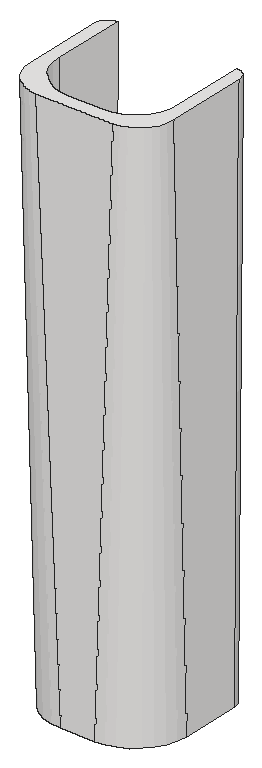
Revit family "Celite_City_Coluna para Lavatório_20201", category Plumbing Fixtures, Revit 2014
Parameters (values of type "Inteira Branco - 20201")
  WFU = 0
  Type Comments = ""
  Outros Complementos [instance] = "N/A"
  Louças [instance] = Celite - Louça_Branca
  Coluna Int = yes
  Coluna Susp = no
  HWFU = 0
  URL = "http://www.celite.com.br"
  Selo de Qualidade ofcdesk = "Standard"  # constant formula
  Model = Celite: Código  # "20201"
  Ajuste H_Coluna [instance] = 661 mm
  Manufacturer = Celite: Fabricante  # "Celite"
  Description = Celite: Descrição  # "Coluna para lavatório cor branca (20201), linha City - Louças Celite"
  Default Elevation = 0 mm
  Desenvolvido por = "ofcdesk"  # constant formula
  Celite: Versão = "Autodesk Revit MEP 2014"  # constant formula
  Celite: Tipo = "Colunas para lavatórios"  # constant formula
  Celite: Produto = "Colunas"  # constant formula
  Celite: Norma = "ABNT NBR 15097-1: 2011 - Requisitos e métodos de ensaio"
  Celite: Link do Produto = "http://www.celite.com.br/pt/produtos/categoria/1/linha/12/"
  Celite: Linha = "City"  # constant formula
  Celite: Informações Técnicas [instance] = "N/A"
  Celite: Informações Gerais [instance] = "N/A"
  Celite: Fabricante = "Celite"  # constant formula
  Celite: Desenho Técnico = "http://www.celite.com.br/media/uploads/desenhos_tecnicos/Lavatatorio_com_coluna_City.pdf"
  Celite: Descrição = "Coluna para lavatório cor branca (20201), linha City - Louças Celite"
  Celite: Código = "20201"
  Celite: Cores Disponíveis = "Branco"
  Celite: Copyright © = "© 2014 Celite"  # constant formula
  Celite: Complementos [instance] = "N/A"
  Celite: Categoria = "Linhas Completas"  # constant formula
  Celite: Altura da Peça [instance] = 0 mm
  CWFU = 0
  Assembly Code = "D2010400"
  Ajuste H_ColSusp [instance] = 305 mm
  Ajuste Frontal_Coluna [instance] = 275 mm
Types (9, lengths in mm): name | Louças | Coluna Int | Coluna Susp | Model | Description | Celite: Desenho Técnico | Celite: Descrição | Celite: Código | Celite: Cores Disponíveis
  (no name) | Celite - Louça_Branca | yes | no | "20201" | "Coluna para lavatório cor branca (20201), linha City - Louças Celite" | "http://www.celite.com.br/media/uploads/desenhos_tecnicos/Lavatatorio_com_coluna_City.pdf" | "Coluna para lavatório cor branca (20201), linha City - Louças Celite" | "20201" | "Branco"
  Suspensa Branco - 20202 | Celite - Louça_Branca | no | yes | "20202" | "Coluna suspensa para lavatório cor branca 20202), linha City - Louças Celite" | "http://www.celite.com.br/media/uploads/desenhos_tecnicos/Lavatorio_com_coluna_supensa_City.pdf" | "Coluna suspensa para lavatório cor branca 20202), linha City - Louças Celite" | "20202" | "Branco"
  Suspensa Pergamon - 20202 | Celite - Louça_Pergamon | no | yes | "20202" | "Coluna suspensa para lavatório cor pergamon (20202), linha City - Louças Celite" | "http://www.celite.com.br/media/uploads/desenhos_tecnicos/Lavatorio_com_coluna_supensa_City.pdf" | "Coluna suspensa para lavatório cor pergamon (20202), linha City - Louças Celite" | "20202" | "Pergamon"
  Inteira Branco - 20201 | Celite - Louça_Branca | yes | no | "20201" | "Coluna para lavatório cor branca (20201), linha City - Louças Celite" | "http://www.celite.com.br/media/uploads/desenhos_tecnicos/Lavatatorio_com_coluna_City.pdf" | "Coluna para lavatório cor branca (20201), linha City - Louças Celite" | "20201" | "Branco"
  Inteira Pergamon - 20201 | Celite - Louça_Pergamon | yes | no | "20201" | "Coluna para lavatório cor pergamon (20201), linha City - Louças Celite" | "http://www.celite.com.br/media/uploads/desenhos_tecnicos/Lavatatorio_com_coluna_City.pdf" | "Coluna para lavatório cor pergamon (20201), linha City - Louças Celite" | "20201" | "Pergamon"
  Inteira Preto - 20201 | Celite - Louça_Preta | yes | no | "20201" | "Coluna para lavatório cor preta (20201), linha City - Louças Celite" | "http://www.celite.com.br/media/uploads/desenhos_tecnicos/Lavatatorio_com_coluna_City.pdf" | "Coluna para lavatório cor preta (20201), linha City - Louças Celite" | "20201" | "Preto"
  Inteira Cinza prata - 20201 | Celite - Louça_CinzaPrata | yes | no | "20201" | "Coluna para lavatório cor cinza prata (20201), linha City - Louças Celite" | "http://www.celite.com.br/media/uploads/desenhos_tecnicos/Lavatatorio_com_coluna_City.pdf" | "Coluna para lavatório cor cinza prata (20201), linha City - Louças Celite" | "20201" | "Cinza prata"
  Suspensa Preto - 20202 | Celite - Louça_Preta | no | yes | "20202" | "Coluna suspensa para lavatório cor preta (20202), linha City - Louças Celite" | "http://www.celite.com.br/media/uploads/desenhos_tecnicos/Lavatorio_com_coluna_supensa_City.pdf" | "Coluna suspensa para lavatório cor preta (20202), linha City - Louças Celite" | "20202" | "Preto"
  Suspensa Cinza prata - 20202 | Celite - Louça_CinzaPrata | no | yes | "20202" | "Coluna suspensa para lavatório cor cinza prata (20202), linha City - Louças Celite" | "http://www.celite.com.br/media/uploads/desenhos_tecnicos/Lavatorio_com_coluna_supensa_City.pdf" | "Coluna suspensa para lavatório cor cinza prata (20202), linha City - Louças Celite" | "20202" | "Cinza prata"
Reference planes
  plane 1 "Center (Front/Back)": y = -81.088
  plane 2: z = 0
  plane 3 "Center (Left/Right)": x = 0
  plane 4: z = 661
  plane 5: z = 356
  plane 6: y = -356.088
Forms (mm)
  Blend 1, solid, material "Celite - Louça_Branca" <- "Louças", visible <- "Coluna Int"
    base sketch origin (-1523.32, -1524, 650) x (-1, 0, 0) y (0, -1, 0)
      loop
        arc (-1443.424, -1232.912) -> (-1460.998, -1190.486) -> (-1503.424, -1172.912) r 60
        line (-1503.424, -1172.912) -> (-1543.216, -1172.912)
        arc (-1543.216, -1172.912) -> (-1585.643, -1190.486) -> (-1603.216, -1232.912) r 60
        line (-1603.216, -1232.912) -> (-1603.216, -1303.912)
        arc (-1603.216, -1303.912) -> (-1600.287, -1310.983) -> (-1593.216, -1313.912) r 10
        line (-1593.216, -1313.912) -> (-1593.216, -1232.912)
        arc (-1593.216, -1232.912) -> (-1578.571, -1197.557) -> (-1543.216, -1182.912) r 50
        line (-1543.216, -1182.912) -> (-1503.424, -1182.912)
        arc (-1503.424, -1182.912) -> (-1468.069, -1197.557) -> (-1453.424, -1232.912) r 50
        line (-1453.424, -1232.912) -> (-1453.424, -1313.912)
        arc (-1453.424, -1313.912) -> (-1446.353, -1310.983) -> (-1443.424, -1303.912) r 10
        line (-1443.424, -1303.912) -> (-1443.424, -1232.912)
    top sketch origin (-1523.32, -1524, 650) x (-1, 0, 0) y (0, -1, 0)
      loop
        arc (-1568.216, -1167.912) -> (-1596.5, -1179.628) -> (-1608.216, -1207.912) r 40
        line (-1608.216, -1207.912) -> (-1608.216, -1303.912)
        arc (-1608.216, -1303.912) -> (-1603.823, -1314.519) -> (-1593.216, -1318.912) r 15
        line (-1593.216, -1318.912) -> (-1593.216, -1232.912)
        arc (-1593.216, -1232.912) -> (-1578.571, -1197.557) -> (-1543.216, -1182.912) r 50
        line (-1543.216, -1182.912) -> (-1503.424, -1182.912)
        arc (-1503.424, -1182.912) -> (-1468.069, -1197.557) -> (-1453.424, -1232.912) r 50
        line (-1453.424, -1232.912) -> (-1453.424, -1318.912)
        arc (-1453.424, -1318.912) -> (-1442.817, -1314.519) -> (-1438.424, -1303.912) r 15
        line (-1438.424, -1303.912) -> (-1438.424, -1207.912)
        arc (-1438.424, -1207.912) -> (-1450.14, -1179.628) -> (-1478.424, -1167.912) r 40
        line (-1478.424, -1167.912) -> (-1568.216, -1167.912)
    from -650 to 11
  Blend 2, solid, material "Celite - Louça_Branca" <- "Louças", visible <- "Coluna Susp"
    base sketch origin (-1521.949, -1524, 356) x (-1, 0, 0) y (0, -1, 0)
      loop
        line (-1502.053, -1172.912) -> (-1541.845, -1172.912)
        arc (-1541.845, -1172.912) -> (-1584.272, -1190.486) -> (-1601.845, -1232.912) r 60
        line (-1601.845, -1232.912) -> (-1601.845, -1442.912) -> (-1591.845, -1442.912) -> (-1591.845, -1232.912)
        arc (-1591.845, -1232.912) -> (-1577.201, -1197.557) -> (-1541.845, -1182.912) r 50
        line (-1541.845, -1182.912) -> (-1502.053, -1182.912)
        arc (-1502.053, -1182.912) -> (-1466.698, -1197.557) -> (-1452.053, -1232.912) r 50
        line (-1452.053, -1232.912) -> (-1452.053, -1442.912) -> (-1442.053, -1442.912) -> (-1442.053, -1232.912)
        arc (-1442.053, -1232.912) -> (-1459.627, -1190.486) -> (-1502.053, -1172.912) r 60
    top sketch origin (-1521.949, -1524, 356) x (-1, 0, 0) y (0, -1, 0)
      loop
        arc (-1437.053, -1207.912) -> (-1448.769, -1179.628) -> (-1477.053, -1167.912) r 40
        line (-1477.053, -1167.912) -> (-1566.845, -1167.912)
        arc (-1566.845, -1167.912) -> (-1595.13, -1179.628) -> (-1606.845, -1207.912) r 40
        line (-1606.845, -1207.912) -> (-1606.845, -1442.912) -> (-1591.845, -1442.912) -> (-1591.845, -1232.912)
        arc (-1591.845, -1232.912) -> (-1577.201, -1197.557) -> (-1541.845, -1182.912) r 50
        line (-1541.845, -1182.912) -> (-1502.053, -1182.912)
        arc (-1502.053, -1182.912) -> (-1466.698, -1197.557) -> (-1452.053, -1232.912) r 50
        line (-1452.053, -1232.912) -> (-1452.053, -1442.912) -> (-1437.053, -1442.912) -> (-1437.053, -1207.912)
    from 0 to 305
Dimensions and locks
  "Ajuste H_Coluna": plane 4 to level
  "Ajuste Frontal_Coluna": plane 1 "Center (Front/Back)" to plane 6
  Blend 2 sketch curve to Blend 2 sketch curve to Blend 2 sketch curve to Blend 2 sketch curve to plane 6 = 0 mm locked, 25 mm locked, 0 mm locked, 40 mm locked
  Blend 2 sketch curve to Blend 2 sketch curve to plane 6 = 10 mm locked, 5 mm locked
  "Ajuste H_ColSusp": plane 4 to plane 5
  Blend 1 sketch curve to Blend 1 sketch curve to Blend 1 sketch curve to Blend 1 sketch curve to Blend 1 sketch curve to Blend 1 sketch curve to Blend 1 sketch curve to Blend 1 sketch curve to plane 6 = 0 mm locked, 15 mm locked, 0 mm locked, 71 mm locked, 0 mm locked, 25 mm locked, 0 mm locked, 40 mm locked
  Blend 1 sketch curve to Blend 1 sketch curve to Blend 1 sketch curve to Blend 1 sketch curve to Blend 1 sketch curve to Blend 1 sketch curve to plane 6 = 0 mm locked, 10 mm locked, 0 mm locked, 121 mm locked, 10 mm locked, 5 mm locked
  aligned and locked: level to plane 2
  aligned and locked: Blend 1 to level
  aligned and locked: plane 4 to Blend 2
  aligned and locked: Blend 2 sketch curve to plane 6
  aligned and locked: plane 6 to Blend 1 sketch curve
  aligned and locked: Blend 2 sketch curve to plane 1 "Center (Front/Back)"  (x4)
  aligned and locked: plane 4 to Blend 1
Automatic sketch dimensions
  Blend 1 sketch curve to plane 3 "Center (Left/Right)" = 44.896 mm
  plane 3 "Center (Left/Right)" to Blend 2 sketch curve = 19.896 mm  (x2)
  Blend 2 sketch curve to plane 3 "Center (Left/Right)" = 19.896 mm  (x2)
  Blend 2 sketch curve to Blend 2 sketch curve = 0 mm  (x5)
  Blend 2 sketch curve to Blend 2 sketch curve = 60 mm
  Blend 2 sketch curve to plane 3 "Center (Left/Right)" = 44.896 mm
  plane 3 "Center (Left/Right)" to Blend 2 sketch curve = 44.896 mm
  Blend 1 sketch curve to Blend 1 sketch curve = 0 mm  (x2)
  plane 3 "Center (Left/Right)" to Blend 1 sketch curve = 19.896 mm  (x2)
  Blend 1 sketch curve to plane 3 "Center (Left/Right)" = 19.896 mm  (x2)
  Blend 1 sketch curve to Blend 1 sketch curve = 60 mm
  Blend 1 sketch curve to Blend 1 sketch curve = 71 mm
  Blend 2 sketch curve to Blend 2 sketch curve = 15 mm
